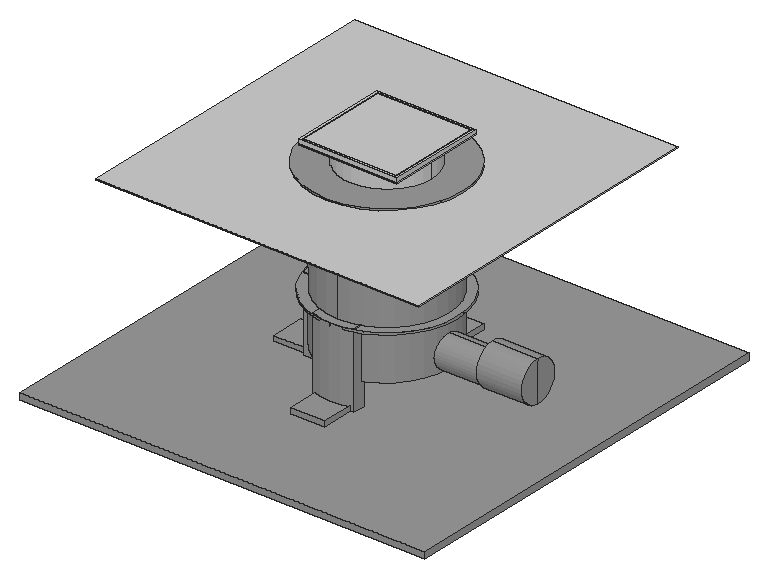
Revit family "HL_Корпус плоского душевого лотка InFloor_HL541Q", category Plumbing Fixtures, Revit 2016
Family settings
  Part Type = Normal
  Round Connector Dimension = Use Diameter
  OmniClass Number = 23.70.50.21.24.14
  OmniClass Title = Deck Waste Water Drains
  Work Plane-Based = No
  Always vertical = Yes
  Cut with Voids When Loaded = No
  Shared = No
  Room Calculation Point = Yes
Parameters (values of type "HL_Корпус плоского душевого лотка InFloor_HL541Q")
  РЕШЁТКА = "Edelstahl V4A 115x115/62x62"
  РАЗМЕР = "DN40/50"
  ПРОПУСКНАЯ СПОСОБНОСТЬ [instance] = 0.0 L/s
  ПРОИЗВОДИТЕЛЬНОСТЬ = "0,44l/s"
  ПРАВОВАЯ ИНФОРМАЦИЯ = "\"Авторские права(©), права на дизайн или какие либо другие права интелектуальной собственности являются исключительной собственностью компании HL Hutterer & Lechner. Изменению не подлежит. Файл семейства с данными о прозводителе изделия защищен паролем с водяным знаком.\""
  НОМИНАЛЬНЫЙ ДИАМЕТР [instance] = 50 mm
  НАСАДКА = "Edelstahl V4A 10-30mm/121x121"
  МАТЕРИАЛ = "PP/Edelstahl"
  МАКСИМАЛЬНАЯ НАГРУЗКА КЛАССА = "K3 - 300kg"
  ВЫСОТА МОНТАЖА = "62-200mm (Estrichoberkante)"
  ВЕС = "1,39 kg"
  x [instance] = if(Высота монтажа 1 < Высота монтажа 1 min, -10 mm, if(Высота монтажа 1 > Высота монтажа 1 max, -10 mm, if(Высота монтажа 2 < Высота монтажа 2 min, -10 mm, if(Высота монтажа 2 > Высота монтажа 2 max, -10 mm, if(Высота монтажа 3 < Высота монтажа 3 min, -10 mm, if(Высота монтажа 3 > Высота монтажа 3 max, -10 mm, 20 mm))))))  # 20 mm
  Manufacturer = "HL Hutterer & Lechner GmbH"
  URL = "http://www.hutterer-lechner.com/ru/products/catalog/roof-drains/HL541Q.aspx"
  Tile Material [instance] = none
  Vent Connection = no
  Waste Connection = yes
  HW Connection = no
  CW Connection = no
  Description = "Душевой трап"
  ND40 [instance] = (НОМИНАЛЬНЫЙ ДИАМЕТР = 40 mm)  # no
  Model = "HL541Q"
  Assembly Code = " "
  Type Comments = "Душевой трап «PRIMUS-BLUE» с монтажными уголками, дизайн-решёткой из нержавеющей стали «Quadra», гидроизоляционным комплектом"
  Keynote = "HL541Q"
  Высота монтажа 3 min [instance] = 0 mm  # constant formula
  Высота монтажа 3 max [instance] = 30 mm  # constant formula
  Высота монтажа 3 [instance] = 30 mm
  Высота монтажа 2 min [instance] = 62 mm  # constant formula
  Высота монтажа 2 max [instance] = 200 mm  # constant formula
  Высота монтажа 1 min [instance] = 10 mm  # constant formula
  Высота монтажа 1 max [instance] = 30 mm  # constant formula
  IH [instance] = if(НОМИНАЛЬНЫЙ ДИАМЕТР = 50 mm, Высота монтажа 1 + Высота монтажа 2 + 3 mm, if(НОМИНАЛЬНЫЙ ДИАМЕТР = 40 mm, Высота монтажа 1 + Высота монтажа 2 + 3 mm, -10 mm))  # 233 mm
  Высота монтажа 2 [instance] = 200 mm
  Высота монтажа 1 [instance] = 30 mm
  HL6200 [instance] = yes
  G [instance] = 90.00°  # constant formula
  EAN = "9003076048236"
  D [instance] = if(НОМИНАЛЬНЫЙ ДИАМЕТР = 50 mm, 187 mm, if(НОМИНАЛЬНЫЙ ДИАМЕТР = 40 mm, 131 mm, -10 mm))  # 187 mm
  C [instance] = if(НОМИНАЛЬНЫЙ ДИАМЕТР = 50 mm, 207.5 mm, if(НОМИНАЛЬНЫЙ ДИАМЕТР = 40 mm, 212.5 mm, -10 mm)) - 200 mm + Высота монтажа 2 - 30 mm + Высота монтажа 1  # 207.5 mm
  B [instance] = 12 mm  # constant formula
  A [instance] = 12 mm  # constant formula
Types (2, lengths in mm): name | URL | Description | Type Comments
  (no name) | "http://www.hutterer-lechner.com/en/products/catalog/roof-drains/HL541Q.aspx" | "Shower drain" | "\"PRIMUS-BLUE Shower Drain designed with massive stainless steel grating „Quadra“, including sealing kit and mounting angles"
  HL_Корпус плоского душевого лотка InFloor_HL541Q | "http://www.hutterer-lechner.com/ru/products/catalog/roof-drains/HL541Q.aspx" | "Душевой трап" | "Душевой трап «PRIMUS-BLUE» с монтажными уголками, дизайн-решёткой из нержавеющей стали «Quadra», гидроизоляционным комплектом"
Values of the unnamed type that differ from the named types
  ПРАВОВАЯ ИНФОРМАЦИЯ = "\"Copyright (©), design rights or any other intellectual property rights, shall be the exclusive property of HL Hutterer & Lechner GmbH. Modification is not allowed. Family has been watermarked.\""
Reference planes
  plane 1 "Center (Front/Back)": y = 0
  plane 2: z = 0
  plane 3 "Center (Left/Right)": x = 0
  plane 4: z = -12
  plane 5: z = -233
  plane 6: z = -30
  plane 7: z = -50
Lines and regions (mm)
  model lines, style "InvisibleLines"
    curve 1: line (0, 0, 0) -> (0, 0, 20)
  model lines, style "PlumbingFixtures", detail levels coarse+medium
    curve 2: line (0, 0, -207.5) -> (0, 0, -50)
    curve 3: line (0, 0, -50) -> (-50, 0, 0)
    curve 4: line (0, 0, -50) -> (50, 0, 0)
    curve 6: line (0, 0, -207.5) -> (187, 0, -207.5)
  reference lines, not visible
    curve 5: line (0, 0, -207.5) -> (187, 0, -207.5)
  symbolic lines, style "PlumbingFixtures", detail levels coarse+medium
    curve 7: line (-75, 75, 0) -> (75, 75, 0)
    curve 8: line (-75, -75, 0) -> (-75, 75, 0)
    curve 9: line (75, -75, 0) -> (-75, -75, 0)
    curve 10: line (75, 75, 0) -> (75, -75, 0)
    curve 11: line (-75, 75, 0) -> (-145.711, 145.711, 0)
    curve 12: line (75, 75, 0) -> (145.711, 145.711, 0)
    curve 13: line (-75, -75, 0) -> (-145.711, -145.711, 0)
    curve 14: line (75, -75, 0) -> (145.711, -145.711, 0)
  symbolic lines, style "PlumbingFixtures", not visible, detail levels coarse+medium
    curve 15: line (-75, 75, 0) -> (75, 75, 0)
    curve 16: line (-75, -75, 0) -> (-75, 75, 0)
    curve 17: line (75, -75, 0) -> (-75, -75, 0)
    curve 18: line (75, 75, 0) -> (75, -75, 0)
    curve 19: line (-75, 75, 0) -> (-145.711, 145.711, 0)
    curve 20: line (75, 75, 0) -> (145.711, 145.711, 0)
    curve 21: line (-75, -75, 0) -> (-145.711, -145.711, 0)
    curve 22: line (75, -75, 0) -> (145.711, -145.711, 0)
Text (mm)
  text "FLOOR" at (-162.344, 0, -10.979), in view "вид строительства."
Dimensions and locks
  "B": plane 2 to plane 4
  "IH": plane 2 to plane 5
  plane 4 to curve 4 = 38 mm
  "D": curve 5 to curve 5
  "D": curve 6 to curve 6
  "Высота монтажа 1": plane 2 to plane 6
  "x": plane 6 to plane 7
  "C": plane 2 to curve 5
  locked: curve 4 to plane 3 "Center (Left/Right)" (angle 45.00°)
  locked: plane 3 "Center (Left/Right)" to curve 3 (angle 45.00°)
  "G": angle curve 5 to plane 3 "Center (Left/Right)"
  aligned and locked: level to plane 2
  aligned and locked: plane 2 to curve 4
  aligned and locked: plane 2 to curve 3
  aligned and locked: plane 3 "Center (Left/Right)" to curve 5
  aligned and locked: curve 6 to plane 3 "Center (Left/Right)"
  aligned and locked: plane 2 to nested 1
  aligned and locked: nested 1 to plane 3 "Center (Left/Right)"
  aligned and locked: curve 6 to curve 5
  aligned and locked: curve 2 to curve 6
  aligned and locked: nested 2 to nested 1  (x2)
Automatic sketch dimensions
  plane 3 "Center (Left/Right)" to curve 2 = 0 mm
  curve 1 to plane 3 "Center (Left/Right)" = 0 mm
  curve 1 to level = 0 mm
  level to curve 1 = 20 mm
Nested families
  nested 1: "HL_541Q" at (0, 0, 0), IH1 <- "Высота монтажа 1", IH2 <- "Высота монтажа 2", IH3 <- "Высота монтажа 3", DN 40 <- "ND40", type "HL_541Q"
    with IH3 30 mm, IH2 200 mm, IH1 30 mm, DN 50 yes, DN 40 no, A 40 mm
  nested 2: "HL_Звукоизоляционная прокладка_HL6200" at (0, 0, -262.536), visible <- "HL6200", type "HL_Звукоизоляционная прокладка_HL6200"
Connectors
  piping at (187, 0, -207.5), diameter 50, driven by "ПРОПУСКНАЯ СПОСОБНОСТЬ", driven by "НОМИНАЛЬНЫЙ ДИАМЕТР"
    settings: on curve 5, index 1, connector inside diameter 609.6 mm, connector length 0 mm, flow factor 0, pipe flow 0.0 L/s, pressure drop 0.0 Pa, fitting loss kfactor 0, connector angle 0.00°, fixture units 0, engagement length 0 mm, angle of deflection 0.00°, flow configuration 1, flow direction 2, fitting loss method 0, system type 16, joint type 0, gender type 0, connector reference index -1, connector utility 0, adjustable connector yes, is connector primary yes, connector description ""
Definition of nested family "HL_541Q"
  Parameters (values of type "HL_541Q")
    РАЗМЕР = "DN40/50"
    ПРОИЗВОДИТЕЛЬНОСТЬ = "0,44l/s"
    ПРАВОВАЯ ИНФОРМАЦИЯ = "\"Авторские права(©), права на дизайн или какие либо другие права интелектуальной собственности являются исключительной собственностью компании HL Hutterer & Lechner. Изменению не подлежит. Файл семейства с данными о прозводителе изделия защищен паролем с водяным знаком.\""
    МАТЕРИАЛ = "PP/Edelstahl"
    МАКСИМАЛЬНАЯ НАГРУЗКА КЛАССА = "K3 - 300kg"
    ВЫСОТА МОНТАЖА = "62-200mm (Estrichoberkante)"
    ВЕС = "1,39 kg"
    Manufacturer = "HL Hutterer & Lechner GmbH"
    URL = "http://www.hutterer-lechner.com/ru/products/catalog/roof-drains/HL541Q.aspx"
    Description = "Душевой трап"
    Model = "HL541Q"
    Type Comments = "Душевой трап «PRIMUS-BLUE» с монтажными уголками, дизайн-решёткой из нержавеющей стали «Quadra», гидроизоляционным комплектом"
    Keynote = "HL541Q"
    IH3 min = 0 mm  # constant formula
    IH3 max = 30 mm  # constant formula
    IH3 [instance] = 30 mm
    IH2 min = 62 mm  # constant formula
    IH2 max = 200 mm  # constant formula
    IH2 [instance] = 200 mm
    IH1 min = 10 mm  # constant formula
    IH1 max = 30 mm  # constant formula
    IH1 [instance] = 30 mm
    EAN = "9003076048236"
    DN 50 [instance] = not(DN 40)  # yes
    DN 40 [instance] = no
    Cost = 0
    A [instance] = IH3 + 10 mm  # 40 mm
  Values of the unnamed type that differ from the named types
    ПРАВОВАЯ ИНФОРМАЦИЯ = "\"Copyright (©), design rights or any other intellectual property rights, shall be the exclusive property of HL Hutterer & Lechner GmbH. Modification is not allowed. Family has been watermarked.\""
    URL = "http://www.hutterer-lechner.com/en/products/catalog/roof-drains/HL541Q.aspx"
    Description = "Shower drain"
    Type Comments = "\"PRIMUS-BLUE Shower Drain designed with massive stainless steel grating „Quadra“, including sealing kit and mounting angles"
  Reference planes
    plane 1 "Střed (vpředu/vzadu)": y = 0
    plane 2: z = 0
    plane 3 "Střed (vlevo/vpravo)": x = 0
    plane 4: z = -30
    plane 5: z = -32.536
    plane 6: z = -170.536
    plane 7: z = -262.536
    plane 8: z = -232.536
    plane 9: z = -222.536
  Forms (mm)
    Extrusion 1, solid, detail levels fine
      sketch origin (0, -200, -32.536) x (0, 1, 0) y (-1, 0, 0)
        loop
          line (0, 200) -> (0, -200) -> (400, -200) -> (400, 200) -> (0, 200)
      from 0 to 1
    Extrusion 2, solid, detail levels fine
      sketch origin (0, -200, -32.536) x (0, 1, 0) y (-1, 0, 0)
        loop
          circle (200, 0) r 94.116
      from 1 to 2.5
    Extrusion 3, solid, detail levels fine
      sketch origin (0, 0, 0) x (1, 0, 0) y (0, 1, 0)
        loop
          line (-60.806, 60.806) -> (-60.806, -60.806) -> (60.806, -60.806) -> (60.806, 60.806) -> (-60.806, 60.806)
        loop
          line (58, -58) -> (58, 58) -> (-58, 58) -> (-58, -58) -> (58, -58)
        loop
          line (-57.5, 57.5) -> (-57.5, -57.5) -> (57.5, -57.5) -> (57.5, 57.5) -> (-57.5, 57.5)
      from 0 to -5.3
    Extrusion 4, solid, detail levels fine
      sketch origin (0, 0, 0) x (1, 0, 0) y (0, 1, 0)
        loop
          line (-60.806, 60.806) -> (-60.806, -60.806) -> (60.806, -60.806) -> (60.806, 60.806) -> (-60.806, 60.806)
      from -5.3 to -6.3
    Extrusion 5, solid, detail levels fine
      sketch origin (0, 0, 0) x (1, 0, 0) y (0, 1, 0)
        loop
          circle (0, 0) r 55
      from -6.3 to -30
    Extrusion 6, solid, detail levels fine
      sketch origin (0, 88, -170.536) x (0, 1, 0) y (-1, 0, 0)
        loop
          circle (-88, 0) r 76.261
      from -62 to 138
    Extrusion 7, solid, detail levels fine
      sketch origin (0, 88, -170.536) x (0, 1, 0) y (-1, 0, 0)
        loop
          circle (-88, 0) r 87.869
      from 0 to -2.5
    Extrusion 8, solid, detail levels fine
      sketch origin (0, 122.746, -232.536) x (0, 1, 0) y (-1, 0, 0)
        loop
          arc (-97.392, 83.047) -> (-122.746, 87.869) -> (-148.1, 83.047) r 69.073
          line (-148.1, 83.047) -> (-148.1, 68.047)
          arc (-148.1, 68.047) -> (-122.746, 72.869) -> (-97.392, 68.047) r 69.073
          line (-97.392, 68.047) -> (-97.392, 83.047)
      from -30 to 62
    Extrusion 9, solid, detail levels fine
      sketch origin (0, 133.67, -262.536) x (0, 1, 0) y (-1, 0, 0)
        loop
          line (-112.67, 122.746) -> (-154.67, 122.746) -> (-154.67, 72.972) -> (-112.67, 72.972) -> (-112.67, 122.746)
      from 0 to 6
    Extrusion 10, solid, detail levels fine
      sketch origin (122.746, 0, -232.536) x (1, 0, 0) y (0, 1, 0)
        loop
          arc (-97.392, 83.047) -> (-122.746, 87.869) -> (-148.1, 83.047) r 69.073
          line (-148.1, 83.047) -> (-148.1, 68.047)
          arc (-148.1, 68.047) -> (-122.746, 72.869) -> (-97.392, 68.047) r 69.073
          line (-97.392, 68.047) -> (-97.392, 83.047)
      from -30 to 62
    Extrusion 11, solid, detail levels fine
      sketch origin (0, 133.67, -262.536) x (0, 1, 0) y (-1, 0, 0)
        loop
          line (-10.924, -21) -> (-10.924, 21) -> (-60.698, 21) -> (-60.698, -21) -> (-10.924, -21)
      from 0 to 6
    Extrusion 12, solid, detail levels fine
      sketch origin (122.746, 0, -232.536) x (1, 0, 0) y (0, 1, 0)
        loop
          line (-97.392, -83.047) -> (-97.392, -68.047)
          arc (-97.392, -68.047) -> (-122.746, -72.869) -> (-148.1, -68.047) r 69.073
          line (-148.1, -68.047) -> (-148.1, -83.047)
          arc (-148.1, -83.047) -> (-122.746, -87.869) -> (-97.392, -83.047) r 69.073
      from -30 to 62
    Extrusion 13, solid, detail levels fine
      sketch origin (0, 133.67, -262.536) x (0, 1, 0) y (-1, 0, 0)
        loop
          line (-256.416, -21) -> (-206.642, -21) -> (-206.642, 21) -> (-256.416, 21) -> (-256.416, -21)
      from 0 to 6
    Revolve 14, solid, visible <- "DN 50", detail levels fine
      sketch origin (0, 0, 0) x (1, 0, 0) y (0, 0, 1)
        loop
          line (187, -207.511) -> (187, -182.511) -> (131, -182.511) -> (131, -207.511) -> (187, -207.511)
        axis (131, -207.511) -> (187, -207.511)
      angle from 0 to 360
    Revolve 15, solid, detail levels fine
      sketch origin (0, 0, 0) x (1, 0, 0) y (0, 0, 1)
        loop
          line (131, -212.511) -> (131, -192.511) -> (51, -192.511) -> (51, -212.511) -> (131, -212.511)
        axis (51, -212.511) -> (131, -212.511)
      angle from 0 to 360
  Lines and regions (mm)
    model lines, detail levels fine
      curve 1: line (-29.6, 29.6, 0) -> (-36.9, 29.6, 0)
      curve 2: line (-29.6, 36.9, 0) -> (-29.6, 29.6, 0)
      curve 3: line (-36.9, 36.9, 0) -> (-29.6, 36.9, 0)
      curve 4: line (-36.9, 29.6, 0) -> (-36.9, 36.9, 0)
      curve 5: line (-16.3, 29.6, 0) -> (-23.6, 29.6, 0)
      curve 6: line (-16.3, 36.9, 0) -> (-16.3, 29.6, 0)
      curve 7: line (-23.6, 36.9, 0) -> (-16.3, 36.9, 0)
      curve 8: line (-23.6, 29.6, 0) -> (-23.6, 36.9, 0)
      curve 9: line (-3, 29.6, 0) -> (-10.3, 29.6, 0)
      curve 10: line (-3, 36.9, 0) -> (-3, 29.6, 0)
      curve 11: line (-10.3, 36.9, 0) -> (-3, 36.9, 0)
      curve 12: line (-10.3, 29.6, 0) -> (-10.3, 36.9, 0)
      curve 13: line (3, 29.6, 0) -> (10.3, 29.6, 0)
      curve 14: line (3, 36.9, 0) -> (3, 29.6, 0)
      curve 15: line (10.3, 36.9, 0) -> (3, 36.9, 0)
      curve 16: line (10.3, 29.6, 0) -> (10.3, 36.9, 0)
      curve 17: line (16.3, 29.6, 0) -> (23.6, 29.6, 0)
      curve 18: line (16.3, 36.9, 0) -> (16.3, 29.6, 0)
      curve 19: line (23.6, 36.9, 0) -> (16.3, 36.9, 0)
      curve 20: line (23.6, 29.6, 0) -> (23.6, 36.9, 0)
      curve 21: line (29.6, 29.6, 0) -> (36.9, 29.6, 0)
      curve 22: line (29.6, 36.9, 0) -> (29.6, 29.6, 0)
      curve 23: line (36.9, 36.9, 0) -> (29.6, 36.9, 0)
      curve 24: line (36.9, 29.6, 0) -> (36.9, 36.9, 0)
      curve 25: line (-29.6, 16.3, 0) -> (-36.9, 16.3, 0)
      curve 26: line (-29.6, 23.6, 0) -> (-29.6, 16.3, 0)
      curve 27: line (-36.9, 23.6, 0) -> (-29.6, 23.6, 0)
      curve 28: line (-36.9, 16.3, 0) -> (-36.9, 23.6, 0)
      curve 29: line (-16.3, 16.3, 0) -> (-23.6, 16.3, 0)
      curve 30: line (-16.3, 23.6, 0) -> (-16.3, 16.3, 0)
      curve 31: line (-23.6, 23.6, 0) -> (-16.3, 23.6, 0)
      curve 32: line (-23.6, 16.3, 0) -> (-23.6, 23.6, 0)
      curve 33: line (-3, 16.3, 0) -> (-10.3, 16.3, 0)
      curve 34: line (-3, 23.6, 0) -> (-3, 16.3, 0)
      curve 35: line (-10.3, 23.6, 0) -> (-3, 23.6, 0)
      curve 36: line (-10.3, 16.3, 0) -> (-10.3, 23.6, 0)
      curve 37: line (3, 16.3, 0) -> (10.3, 16.3, 0)
      curve 38: line (3, 23.6, 0) -> (3, 16.3, 0)
      curve 39: line (10.3, 23.6, 0) -> (3, 23.6, 0)
      curve 40: line (10.3, 16.3, 0) -> (10.3, 23.6, 0)
      curve 41: line (16.3, 16.3, 0) -> (23.6, 16.3, 0)
      curve 42: line (16.3, 23.6, 0) -> (16.3, 16.3, 0)
      curve 43: line (23.6, 23.6, 0) -> (16.3, 23.6, 0)
      curve 44: line (23.6, 16.3, 0) -> (23.6, 23.6, 0)
      curve 45: line (29.6, 16.3, 0) -> (36.9, 16.3, 0)
      curve 46: line (29.6, 23.6, 0) -> (29.6, 16.3, 0)
      curve 47: line (36.9, 23.6, 0) -> (29.6, 23.6, 0)
      curve 48: line (36.9, 16.3, 0) -> (36.9, 23.6, 0)
      curve 49: line (-29.6, 3, 0) -> (-36.9, 3, 0)
      curve 50: line (-29.6, 10.3, 0) -> (-29.6, 3, 0)
      curve 51: line (-36.9, 10.3, 0) -> (-29.6, 10.3, 0)
      curve 52: line (-36.9, 3, 0) -> (-36.9, 10.3, 0)
      curve 53: line (-16.3, 3, 0) -> (-23.6, 3, 0)
      curve 54: line (-16.3, 10.3, 0) -> (-16.3, 3, 0)
      curve 55: line (-23.6, 10.3, 0) -> (-16.3, 10.3, 0)
      curve 56: line (-23.6, 3, 0) -> (-23.6, 10.3, 0)
      curve 57: line (-3, 3, 0) -> (-10.3, 3, 0)
      curve 58: line (-3, 10.3, 0) -> (-3, 3, 0)
      curve 59: line (-10.3, 10.3, 0) -> (-3, 10.3, 0)
      curve 60: line (-10.3, 3, 0) -> (-10.3, 10.3, 0)
      curve 61: line (3, 3, 0) -> (10.3, 3, 0)
      curve 62: line (3, 10.3, 0) -> (3, 3, 0)
      curve 63: line (10.3, 10.3, 0) -> (3, 10.3, 0)
      curve 64: line (10.3, 3, 0) -> (10.3, 10.3, 0)
      curve 65: line (16.3, 3, 0) -> (23.6, 3, 0)
      curve 66: line (16.3, 10.3, 0) -> (16.3, 3, 0)
      curve 67: line (23.6, 10.3, 0) -> (16.3, 10.3, 0)
      curve 68: line (23.6, 3, 0) -> (23.6, 10.3, 0)
      curve 69: line (29.6, 3, 0) -> (36.9, 3, 0)
      curve 70: line (29.6, 10.3, 0) -> (29.6, 3, 0)
      curve 71: line (36.9, 10.3, 0) -> (29.6, 10.3, 0)
      curve 72: line (36.9, 3, 0) -> (36.9, 10.3, 0)
      curve 73: line (-29.6, -10.3, 0) -> (-36.9, -10.3, 0)
      curve 74: line (-29.6, -3, 0) -> (-29.6, -10.3, 0)
      curve 75: line (-36.9, -3, 0) -> (-29.6, -3, 0)
      curve 76: line (-36.9, -10.3, 0) -> (-36.9, -3, 0)
      curve 77: line (-16.3, -10.3, 0) -> (-23.6, -10.3, 0)
      curve 78: line (-16.3, -3, 0) -> (-16.3, -10.3, 0)
      curve 79: line (-23.6, -3, 0) -> (-16.3, -3, 0)
      curve 80: line (-23.6, -10.3, 0) -> (-23.6, -3, 0)
      curve 81: line (-3, -10.3, 0) -> (-10.3, -10.3, 0)
      curve 82: line (-3, -3, 0) -> (-3, -10.3, 0)
      curve 83: line (-10.3, -3, 0) -> (-3, -3, 0)
      curve 84: line (-10.3, -10.3, 0) -> (-10.3, -3, 0)
      curve 85: line (3, -10.3, 0) -> (10.3, -10.3, 0)
      curve 86: line (3, -3, 0) -> (3, -10.3, 0)
      curve 87: line (10.3, -3, 0) -> (3, -3, 0)
      curve 88: line (10.3, -10.3, 0) -> (10.3, -3, 0)
      curve 89: line (16.3, -10.3, 0) -> (23.6, -10.3, 0)
      curve 90: line (16.3, -3, 0) -> (16.3, -10.3, 0)
      curve 91: line (23.6, -3, 0) -> (16.3, -3, 0)
      curve 92: line (23.6, -10.3, 0) -> (23.6, -3, 0)
      curve 93: line (29.6, -10.3, 0) -> (36.9, -10.3, 0)
      curve 94: line (29.6, -3, 0) -> (29.6, -10.3, 0)
      curve 95: line (36.9, -3, 0) -> (29.6, -3, 0)
      curve 96: line (36.9, -10.3, 0) -> (36.9, -3, 0)
      curve 97: line (-29.6, -23.6, 0) -> (-36.9, -23.6, 0)
      curve 98: line (-29.6, -16.3, 0) -> (-29.6, -23.6, 0)
      curve 99: line (-36.9, -16.3, 0) -> (-29.6, -16.3, 0)
      curve 100: line (-36.9, -23.6, 0) -> (-36.9, -16.3, 0)
      curve 101: line (-16.3, -23.6, 0) -> (-23.6, -23.6, 0)
      curve 102: line (-16.3, -16.3, 0) -> (-16.3, -23.6, 0)
      curve 103: line (-23.6, -16.3, 0) -> (-16.3, -16.3, 0)
      curve 104: line (-23.6, -23.6, 0) -> (-23.6, -16.3, 0)
      curve 105: line (-3, -23.6, 0) -> (-10.3, -23.6, 0)
      curve 106: line (-3, -16.3, 0) -> (-3, -23.6, 0)
      curve 107: line (-10.3, -16.3, 0) -> (-3, -16.3, 0)
      curve 108: line (-10.3, -23.6, 0) -> (-10.3, -16.3, 0)
      curve 109: line (3, -23.6, 0) -> (10.3, -23.6, 0)
      curve 110: line (3, -16.3, 0) -> (3, -23.6, 0)
      curve 111: line (10.3, -16.3, 0) -> (3, -16.3, 0)
      curve 112: line (10.3, -23.6, 0) -> (10.3, -16.3, 0)
      curve 113: line (16.3, -23.6, 0) -> (23.6, -23.6, 0)
      curve 114: line (16.3, -16.3, 0) -> (16.3, -23.6, 0)
      curve 115: line (23.6, -16.3, 0) -> (16.3, -16.3, 0)
      curve 116: line (23.6, -23.6, 0) -> (23.6, -16.3, 0)
      curve 117: line (29.6, -23.6, 0) -> (36.9, -23.6, 0)
      curve 118: line (29.6, -16.3, 0) -> (29.6, -23.6, 0)
      curve 119: line (36.9, -16.3, 0) -> (29.6, -16.3, 0)
      curve 120: line (36.9, -23.6, 0) -> (36.9, -16.3, 0)
      curve 121: line (-29.6, -36.9, 0) -> (-36.9, -36.9, 0)
      curve 122: line (-29.6, -29.6, 0) -> (-29.6, -36.9, 0)
      curve 123: line (-36.9, -29.6, 0) -> (-29.6, -29.6, 0)
      curve 124: line (-36.9, -36.9, 0) -> (-36.9, -29.6, 0)
      curve 125: line (-16.3, -36.9, 0) -> (-23.6, -36.9, 0)
      curve 126: line (-16.3, -29.6, 0) -> (-16.3, -36.9, 0)
      curve 127: line (-23.6, -29.6, 0) -> (-16.3, -29.6, 0)
      curve 128: line (-23.6, -36.9, 0) -> (-23.6, -29.6, 0)
      curve 129: line (-3, -36.9, 0) -> (-10.3, -36.9, 0)
      curve 130: line (-3, -29.6, 0) -> (-3, -36.9, 0)
      curve 131: line (-10.3, -29.6, 0) -> (-3, -29.6, 0)
      curve 132: line (-10.3, -36.9, 0) -> (-10.3, -29.6, 0)
      curve 133: line (3, -36.9, 0) -> (10.3, -36.9, 0)
      curve 134: line (3, -29.6, 0) -> (3, -36.9, 0)
      curve 135: line (10.3, -29.6, 0) -> (3, -29.6, 0)
      curve 136: line (10.3, -36.9, 0) -> (10.3, -29.6, 0)
      curve 137: line (16.3, -36.9, 0) -> (23.6, -36.9, 0)
      curve 138: line (16.3, -29.6, 0) -> (16.3, -36.9, 0)
      curve 139: line (23.6, -29.6, 0) -> (16.3, -29.6, 0)
      curve 140: line (23.6, -36.9, 0) -> (23.6, -29.6, 0)
      curve 141: line (29.6, -36.9, 0) -> (36.9, -36.9, 0)
      curve 142: line (29.6, -29.6, 0) -> (29.6, -36.9, 0)
      curve 143: line (36.9, -29.6, 0) -> (29.6, -29.6, 0)
      curve 144: line (36.9, -36.9, 0) -> (36.9, -29.6, 0)
  Dimensions and locks
    "IH1": plane 2 to plane 4
    locked: plane 4 to plane 5 at 2.536
    "IH2": plane 5 to plane 8
    "A": plane 9 to plane 7
    locked: plane 9 to plane 8 at 10
    locked: plane 6 to plane 8 at 62
    locked: Revolve 14 sketch curve to Revolve 14 sketch curve at 25
    locked: Revolve 14 sketch curve to plane 8 at 25.025
    locked: Revolve 15 sketch curve to Revolve 15 sketch curve at 20
    locked: Revolve 15 sketch curve to plane 8 at 20.025
    aligned and locked: level to plane 2
    aligned and locked: Extrusion 5 to plane 4
    aligned and locked: plane 5 to Extrusion 6
    aligned and locked: plane 6 to Extrusion 8
    aligned and locked: Extrusion 8 to plane 7
    aligned and locked: Extrusion 6 to plane 8
    aligned and locked: Extrusion 12 to plane 7
    aligned and locked: Extrusion 10 to plane 7
    aligned and locked: plane 6 to Extrusion 12
    aligned and locked: plane 6 to Extrusion 10
  Automatic sketch dimensions
    plane 1 "Střed (vpředu/vzadu)" to Extrusion 1 sketch curve = 200 mm
    Extrusion 1 sketch curve to plane 1 "Střed (vpředu/vzadu)" = 200 mm
    plane 3 "Střed (vlevo/vpravo)" to Extrusion 1 sketch curve = 200 mm
    Extrusion 1 sketch curve to plane 3 "Střed (vlevo/vpravo)" = 200 mm
    plane 1 "Střed (vpředu/vzadu)" to Extrusion 2 sketch curve = 0 mm
    Extrusion 2 sketch curve to plane 3 "Střed (vlevo/vpravo)" = 0 mm
    Extrusion 4 sketch curve to plane 3 "Střed (vlevo/vpravo)" = 60.806 mm
    plane 3 "Střed (vlevo/vpravo)" to Extrusion 4 sketch curve = 60.806 mm
    plane 1 "Střed (vpředu/vzadu)" to Extrusion 4 sketch curve = 60.806 mm
    Extrusion 4 sketch curve to plane 1 "Střed (vpředu/vzadu)" = 60.806 mm
    plane 1 "Střed (vpředu/vzadu)" to Extrusion 5 sketch curve = 0 mm
    Extrusion 5 sketch curve to plane 3 "Střed (vlevo/vpravo)" = 0 mm
    plane 1 "Střed (vpředu/vzadu)" to Extrusion 6 sketch curve = 0 mm
    Extrusion 6 sketch curve to plane 3 "Střed (vlevo/vpravo)" = 0 mm
    plane 1 "Střed (vpředu/vzadu)" to Extrusion 7 sketch curve = 0 mm
    Extrusion 7 sketch curve to plane 3 "Střed (vlevo/vpravo)" = 0 mm
    plane 1 "Střed (vpředu/vzadu)" to Extrusion 8 sketch curve = 0 mm  (x2)
    plane 1 "Střed (vpředu/vzadu)" to Extrusion 8 sketch curve = 25.354 mm
    Extrusion 8 sketch curve to plane 1 "Střed (vpředu/vzadu)" = 25.354 mm
    Extrusion 8 sketch curve to plane 3 "Střed (vlevo/vpravo)" = 3.796 mm
    Extrusion 8 sketch curve to Extrusion 8 sketch curve = 15 mm  (x2)
    Extrusion 8 sketch curve to Extrusion 8 sketch curve = 49.252 mm
    plane 1 "Střed (vpředu/vzadu)" to Extrusion 9 sketch curve = 21 mm
    Extrusion 9 sketch curve to plane 1 "Střed (vpředu/vzadu)" = 21 mm
    Extrusion 9 sketch curve to plane 3 "Střed (vlevo/vpravo)" = 72.972 mm
    Extrusion 9 sketch curve to Extrusion 9 sketch curve = 49.774 mm
    Extrusion 10 sketch curve to plane 3 "Střed (vlevo/vpravo)" = 0 mm  (x2)
    Extrusion 10 sketch curve to plane 3 "Střed (vlevo/vpravo)" = 25.354 mm
    plane 3 "Střed (vlevo/vpravo)" to Extrusion 10 sketch curve = 25.354 mm
    Extrusion 10 sketch curve to plane 1 "Střed (vpředu/vzadu)" = 3.796 mm
    Extrusion 10 sketch curve to Extrusion 10 sketch curve = 15 mm  (x2)
    Extrusion 10 sketch curve to Extrusion 10 sketch curve = 49.252 mm
    plane 3 "Střed (vlevo/vpravo)" to Extrusion 11 sketch curve = 21 mm
    Extrusion 11 sketch curve to plane 1 "Střed (vpředu/vzadu)" = 72.972 mm
    Extrusion 11 sketch curve to plane 3 "Střed (vlevo/vpravo)" = 21 mm
    Extrusion 11 sketch curve to Extrusion 11 sketch curve = 49.774 mm
    Extrusion 12 sketch curve to plane 3 "Střed (vlevo/vpravo)" = 0 mm  (x2)
    Extrusion 12 sketch curve to plane 3 "Střed (vlevo/vpravo)" = 25.354 mm
    plane 3 "Střed (vlevo/vpravo)" to Extrusion 12 sketch curve = 25.354 mm
    plane 1 "Střed (vpředu/vzadu)" to Extrusion 12 sketch curve = 83.047 mm
    Extrusion 12 sketch curve to Extrusion 12 sketch curve = 15 mm
    plane 1 "Střed (vpředu/vzadu)" to Extrusion 12 sketch curve = 18.796 mm
    plane 1 "Střed (vpředu/vzadu)" to Extrusion 12 sketch curve = 3.796 mm
    Extrusion 13 sketch curve to plane 3 "Střed (vlevo/vpravo)" = 21 mm
    plane 1 "Střed (vpředu/vzadu)" to Extrusion 13 sketch curve = 122.746 mm
    Extrusion 13 sketch curve to Extrusion 13 sketch curve = 49.774 mm
    plane 3 "Střed (vlevo/vpravo)" to Extrusion 13 sketch curve = 21 mm
    plane 3 "Střed (vlevo/vpravo)" to Revolve 14 sketch curve = 131 mm
    Revolve 14 sketch curve to Revolve 14 sketch curve = 56 mm
    Revolve 14 sketch curve to Revolve 14 sketch curve = 0 mm
    plane 9 to Revolve 14 sketch curve = 15.025 mm
    Revolve 14 sketch curve to Revolve 14 sketch curve = 105 mm
    plane 3 "Střed (vlevo/vpravo)" to Revolve 15 sketch curve = 51 mm
    Revolve 15 sketch curve to Revolve 15 sketch curve = 80 mm
    Revolve 15 sketch curve to Revolve 15 sketch curve = 0 mm
    plane 9 to Revolve 15 sketch curve = 10.025 mm
    Revolve 15 sketch curve to Revolve 15 sketch curve = 45 mm
    Extrusion 3 sketch curve to plane 3 "Střed (vlevo/vpravo)" = 60.806 mm
    Extrusion 3 sketch curve to Extrusion 3 sketch curve = 2.806 mm  (x4)
    Extrusion 3 sketch curve to Extrusion 3 sketch curve = 0.5 mm  (x4)
    plane 3 "Střed (vlevo/vpravo)" to Extrusion 3 sketch curve = 57.5 mm
    plane 1 "Střed (vpředu/vzadu)" to Extrusion 3 sketch curve = 60.806 mm
    Extrusion 3 sketch curve to plane 1 "Střed (vpředu/vzadu)" = 57.5 mm
    curve 25 to plane 1 "Střed (vpředu/vzadu)" = 16.3 mm
    curve 25 to plane 3 "Střed (vlevo/vpravo)" = 36.9 mm
    curve 1 to curve 27 = 0 mm
    curve 49 to plane 1 "Střed (vpředu/vzadu)" = 3 mm
    curve 49 to curve 25 = 0 mm
    curve 124 to curve 49 = 0 mm
    curve 73 to curve 49 = 0 mm
    curve 100 to curve 73 = 0 mm
    curve 99 to curve 98 = 7.3 mm
    plane 1 "Střed (vpředu/vzadu)" to curve 75 = 3 mm
    curve 75 to curve 75 = 7.3 mm
    curve 121 to curve 121 = 7.3 mm
    curve 51 to curve 51 = 7.3 mm
    curve 3 to curve 3 = 7.3 mm
    curve 27 to curve 1 = 0 mm
    curve 97 to curve 101 = 6 mm
    curve 50 to curve 56 = 6 mm
    curve 74 to curve 80 = 6 mm
    curve 25 to curve 29 = 6 mm
    curve 2 to curve 8 = 6 mm
    curve 121 to curve 125 = 6 mm
    curve 77 to curve 77 = 7.3 mm
    curve 55 to curve 55 = 7.3 mm
    curve 103 to curve 77 = 0 mm
    curve 29 to curve 54 = 0 mm
    curve 127 to curve 101 = 0 mm
    curve 5 to curve 30 = 0 mm
    curve 30 to curve 35 = 6 mm
    curve 125 to curve 129 = 6 mm
    curve 9 to curve 35 = 0 mm
    curve 102 to curve 108 = 6 mm
    curve 78 to curve 84 = 6 mm
    curve 57 to plane 1 "Střed (vpředu/vzadu)" = 3 mm
    curve 57 to curve 83 = 0 mm
    curve 83 to plane 3 "Střed (vlevo/vpravo)" = 3 mm
    curve 58 to plane 3 "Střed (vlevo/vpravo)" = 3 mm
    curve 106 to plane 3 "Střed (vlevo/vpravo)" = 3 mm
    curve 131 to plane 3 "Střed (vlevo/vpravo)" = 3 mm
    curve 33 to plane 3 "Střed (vlevo/vpravo)" = 3 mm
    curve 9 to plane 3 "Střed (vlevo/vpravo)" = 3 mm
    plane 3 "Střed (vlevo/vpravo)" to curve 38 = 3 mm
    plane 3 "Střed (vlevo/vpravo)" to curve 87 = 3 mm
    plane 3 "Střed (vlevo/vpravo)" to curve 15 = 3 mm
    plane 3 "Střed (vlevo/vpravo)" to curve 111 = 3 mm
    plane 3 "Střed (vlevo/vpravo)" to curve 133 = 3 mm
    plane 3 "Střed (vlevo/vpravo)" to curve 63 = 3 mm
    curve 37 to curve 37 = 7.3 mm
    curve 85 to curve 85 = 7.3 mm
    curve 13 to curve 39 = 0 mm
    curve 63 to curve 37 = 0 mm
    curve 109 to curve 109 = 7.3 mm
    curve 133 to curve 133 = 7.3 mm
    curve 39 to curve 43 = 6 mm
    curve 135 to curve 138 = 6 mm
    curve 111 to curve 115 = 6 mm
    curve 15 to curve 19 = 6 mm
    curve 63 to curve 67 = 6 mm
    curve 91 to curve 65 = 0 mm
    curve 65 to plane 1 "Střed (vpředu/vzadu)" = 3 mm
    curve 65 to curve 65 = 7.3 mm
    curve 18 to curve 19 = 7.3 mm
    curve 89 to curve 89 = 7.3 mm
    curve 113 to curve 113 = 7.3 mm
    curve 139 to curve 113 = 0 mm
    curve 41 to curve 67 = 0 mm
    curve 115 to curve 119 = 6 mm
    curve 91 to curve 95 = 6 mm
    curve 139 to curve 142 = 6 mm
    curve 43 to curve 47 = 6 mm
    curve 19 to curve 23 = 6 mm
    curve 67 to curve 71 = 6 mm
    curve 21 to curve 21 = 7.3 mm
    curve 45 to curve 45 = 7.3 mm
    curve 118 to curve 120 = 7.3 mm
    curve 69 to plane 1 "Střed (vpředu/vzadu)" = 3 mm
    curve 69 to curve 69 = 7.3 mm
    curve 96 to curve 69 = 0 mm
    curve 141 to curve 141 = 7.3 mm
    plane 1 "Střed (vpředu/vzadu)" to curve 78 = 3 mm
    plane 1 "Střed (vpředu/vzadu)" to curve 96 = 3 mm
    plane 1 "Střed (vpředu/vzadu)" to curve 82 = 3 mm
    plane 1 "Střed (vpředu/vzadu)" to curve 86 = 3 mm
    plane 1 "Střed (vpředu/vzadu)" to curve 90 = 3 mm
    curve 73 to curve 74 = 7.3 mm
    curve 77 to curve 78 = 7.3 mm
    curve 81 to curve 82 = 7.3 mm
    curve 81 to curve 85 = 0 mm
    curve 85 to curve 89 = 0 mm
    curve 89 to curve 93 = 0 mm
    curve 120 to curve 93 = 6 mm
    curve 98 to curve 73 = 6 mm
    curve 116 to curve 89 = 6 mm
    curve 102 to curve 77 = 6 mm
    curve 112 to curve 85 = 6 mm
    curve 106 to curve 81 = 6 mm
    curve 109 to curve 110 = 7.3 mm
    curve 108 to curve 107 = 7.3 mm
    curve 109 to curve 113 = 0 mm
    curve 104 to curve 103 = 7.3 mm
    curve 113 to curve 117 = 0 mm
    curve 100 to curve 99 = 7.3 mm
    curve 144 to curve 117 = 6 mm
    curve 134 to curve 109 = 6 mm
    curve 122 to curve 97 = 6 mm
    curve 140 to curve 142 = 0 mm
    curve 126 to curve 101 = 6 mm
    curve 130 to curve 105 = 6 mm
    curve 121 to curve 123 = 7.3 mm
    curve 133 to curve 135 = 7.3 mm
    curve 132 to curve 131 = 7.3 mm
    curve 133 to curve 137 = 0 mm
    curve 121 to curve 128 = 0 mm
    curve 137 to curve 141 = 0 mm
    curve 54 to plane 1 "Střed (vpředu/vzadu)" = 3 mm
    curve 61 to plane 1 "Střed (vpředu/vzadu)" = 3 mm
    curve 65 to curve 67 = 7.3 mm
    curve 53 to curve 54 = 7.3 mm
    curve 52 to curve 25 = 6 mm
    curve 67 to curve 70 = 0 mm
    curve 64 to curve 66 = 0 mm
    curve 58 to curve 62 = 0 mm
    curve 71 to curve 48 = 6 mm
    curve 54 to curve 29 = 6 mm
    curve 44 to curve 45 = 0 mm
    curve 58 to curve 33 = 6 mm
    curve 63 to curve 40 = 6 mm
    curve 33 to curve 36 = 7.3 mm
    curve 34 to curve 38 = 0 mm
    curve 29 to curve 32 = 7.3 mm
    curve 39 to curve 42 = 0 mm
    curve 25 to curve 28 = 7.3 mm
    curve 43 to curve 46 = 0 mm
    curve 27 to curve 1 = 6 mm
    curve 47 to curve 24 = 6 mm
    curve 30 to curve 5 = 6 mm
    curve 43 to curve 20 = 6 mm
    curve 34 to curve 9 = 6 mm
    curve 39 to curve 16 = 6 mm
    curve 9 to curve 12 = 7.3 mm
    curve 13 to curve 15 = 7.3 mm
    curve 15 to curve 18 = 0 mm
    curve 5 to curve 8 = 7.3 mm
    curve 19 to curve 22 = 0 mm
    curve 1 to curve 4 = 7.3 mm
    radius of Extrusion 2 sketch curve = 94.116 mm
    radius of Extrusion 5 sketch curve = 55 mm
    radius of Extrusion 6 sketch curve = 76.261 mm
    radius of Extrusion 7 sketch curve = 87.869 mm
Definition of nested family "HL_Звукоизоляционная прокладка_HL6200"
  Parameters (values of type "HL_Звукоизоляционная прокладка_HL6200")
    РАЗМЕР = "500 x 500mm"
    ПРАВОВАЯ ИНФОРМАЦИЯ = "\"Авторские права(©), права на дизайн или какие либо другие права интелектуальной собственности являются исключительной собственностью компании HL Hutterer & Lechner. Изменению не подлежит. Файл семейства с данными о прозводителе изделия защищен паролем с водяным знаком.\""
    МАТЕРИАЛ = "Gummigranulat"
    ВЫСОТА МОНТАЖА = " 8mm"
    ВЕС = "1,82 kg"
    Waste Connection = no
    Vent Connection = no
    Manufacturer = "HL Hutterer & Lechner GmbH"
    URL = "http://www.hutterer-lechner.com/ru/Products/catalog/Barriere-free-showers/attachments/HL6200.aspx"
    HW Connection = no
    Description = "Звукоизоляционная прокладка"
    Model = "HL6200"
    Type Comments = "Звукоизоляционная прокладка 500х500х8 мм"
    Keynote = "HL6200"
    EAN = "9003076033805"
    CW Connection = no
  Reference planes
    plane 1 "Center (Front/Back)": y = 0
    plane 2: z = 0
    plane 3 "Center (Left/Right)": x = 0
    plane 4 "Ball Joint Vertical": x = 25.45
  Forms (mm)
    Extrusion 1, solid, detail levels fine
      sketch origin (0, 0, 0) x (1, 0, 0) y (0, 1, 0)
        loop
          line (-250, 245.976) -> (-250, -254.024) -> (250, -254.024) -> (250, 245.976) -> (-250, 245.976)
      from 0 to -8.024
  Text (mm)
    text "ROOF/FLOOR" at (-198.233, 0, -26.556), in view "вид строительства"
  Dimensions and locks
    locked: plane 4 "Ball Joint Vertical" to plane 3 "Center (Left/Right)" at 25.45
    aligned and locked: level to plane 2
